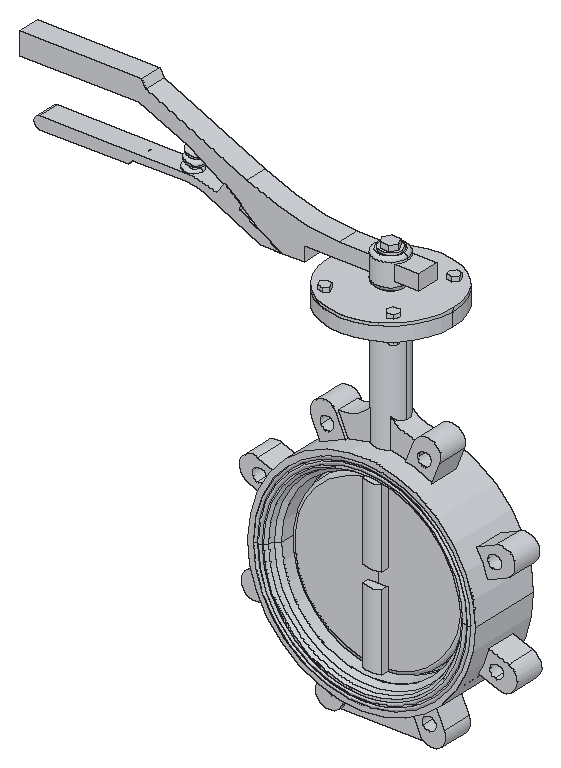
Revit family "R59FLY010", category Plumbing Fixtures, Revit 2015
Reference planes
  plane 1 "Center (Front/Back)": y = 0
  plane 2: z = 0
  plane 3 "Center (Left/Right)": x = 0
  plane 4: z = 180
  plane 5: x = -260
  plane 6: z = 257
  plane 7: z = -100
  plane 8: z = -30
  plane 9: z = 210
  plane 10: z = -30
  plane 11: y = -25.738
  plane 12: y = 25.762
Forms (mm)
  Extrusion 1, solid
    sketch origin (0, 0, 170) x (1, 0, 0) y (0, 1, 0)
      loop
        circle (0, 0) r 45
    from 0 to 10
  Extrusion 2, solid
    sketch origin (0, 45.948, -100.573) x (1, 0, 0) y (0, 0, 1)
      loop
        arc (-96.679, 319.319) -> (-132.67, 336.792) -> (-169.654, 352.049) r 659.286
        line (-169.654, 352.049) -> (-172.843, 357.573) -> (-260, 357.573) -> (-260, 341.853) -> (-174.471, 341.853)
        arc (-174.471, 341.853) -> (-122.152, 316.93) -> (-77.024, 280.573) r 248.649
        line (-77.024, 280.573) -> (-55.568, 280.573) -> (-55.568, 291.199) -> (26.878, 291.199) -> (26.878, 302.179) -> (-30.767, 302.179)
        arc (-30.767, 302.179) -> (-64.704, 306.978) -> (-96.679, 319.319) r 150.722
    from 37.966 to 54.11
  Extrusion 3, solid
    sketch origin (-37.783, 45.948, -170.087) x (1, 0, 0) y (0, 0, 1)
      loop
        line (-98.516, 377.301) -> (-208.006, 377.301)
        arc (-208.006, 377.301) -> (-212.274, 373.033) -> (-208.006, 368.766) r 4.268
        line (-208.006, 368.766) -> (-144.475, 368.766) -> (-140.939, 372.301) -> (-103.305, 372.301)
        arc (-103.305, 372.301) -> (-95.507, 371.471) -> (-88.058, 369.019) r 37.057
        arc (-88.058, 369.019) -> (-68.407, 360.05) -> (-49.241, 350.087) r 421.945
        line (-49.241, 350.087) -> (-34.866, 350.087)
        arc (-34.866, 350.087) -> (-48.985, 359.43) -> (-64, 367.252) r 162.429
        line (-64, 367.252) -> (-63.437, 371.843) -> (-74.98, 380.231) -> (-80.609, 372.485)
        arc (-80.609, 372.485) -> (-89.36, 375.646) -> (-98.516, 377.301) r 55.494
    from 37.966 to 54.11
  Extrusion 4, solid
    sketch origin (0, 0, -76.95) x (1, 0, 0) y (0, 1, 0)
      loop
        circle (0, 0) r 12
    from 148.302 to 246.95
  Revolve 5, solid
    sketch origin (0, 0, 0) x (0, 1, 0) y (0, 0, 1)
      loop
        line (-1.078, -65.612) -> (1.078, -65.612) -> (1.078, -64.678)
        arc (1.078, -64.678) -> (1.953, -63.244) -> (3.478, -62.541) r 2.888
        line (3.478, -62.541) -> (6.599, -62.541)
        arc (6.599, -62.541) -> (9.772, -60.799) -> (11.11, -57.436) r 5.351
        line (11.11, -57.436) -> (11.11, 0) -> (-11.11, 0) -> (-11.11, -59.871)
        arc (-11.11, -59.871) -> (-10.328, -61.759) -> (-8.44, -62.541) r 2.67
        line (-8.44, -62.541) -> (-3.478, -62.541)
        arc (-3.478, -62.541) -> (-1.953, -63.244) -> (-1.078, -64.678) r 2.888
        line (-1.078, -64.678) -> (-1.078, -65.612)
      axis (11.11, 0) -> (-11.11, 0)
    angle from 0 to 360
  Blend 6, solid
    base sketch origin (0, 0, -4.163) x (1, 0, 0) y (0, 1, 0)
      loop
        line (-6.883, 16.4) -> (-6.883, -16.4)
        arc (-6.883, -16.4) -> (0, -18.078) -> (6.883, -16.4) r 14.953
        line (6.883, -16.4) -> (6.883, 16.4)
        arc (6.883, 16.4) -> (0, 18.078) -> (-6.883, 16.4) r 14.953
    top sketch origin (0, 0, 0) x (1, 0, 0) y (0, 1, 0)
      loop
        line (-6.883, 16.4) -> (-6.883, -16.4)
        arc (-6.883, -16.4) -> (0, -18.078) -> (6.883, -16.4) r 14.953
        line (6.883, -16.4) -> (6.883, 16.4)
        arc (6.883, 16.4) -> (0, 18.078) -> (-6.883, 16.4) r 14.953
    from 10.163 to 61.647
  Blend 7, solid
    base sketch origin (0, 0, -38.601) x (0, -1, 0) y (1, 0, 0)
      loop
        line (-16.4, -6.883) -> (16.4, -6.883)
        arc (16.4, -6.883) -> (18.078, 0) -> (16.4, 6.883) r 14.953
        line (16.4, 6.883) -> (-16.4, 6.883)
        arc (-16.4, 6.883) -> (-18.078, 0) -> (-16.4, -6.883) r 14.953
    top sketch origin (0, 0, -35.117) x (0, -1, 0) y (1, 0, 0)
      loop
        line (-16.4, -6.883) -> (16.4, -6.883)
        arc (16.4, -6.883) -> (18.078, 0) -> (16.4, 6.883) r 14.953
        line (16.4, 6.883) -> (-16.4, 6.883)
        arc (-16.4, 6.883) -> (-18.078, 0) -> (-16.4, -6.883) r 14.953
    from -21.894 to 29.117
  Extrusion 8, solid
    sketch origin (-8.17, 0, 17.063) x (0.99863, 0, -0.052336) y (0.052336, 0, 0.99863)
      loop
        line (-18.251, 60.114) -> (-25.459, 74.264)
        arc (-25.459, 74.264) -> (-38.908, 78.635) -> (-43.28, 65.186) r 10
        line (-43.28, 65.186) -> (-36.072, 51.036) -> (-18.251, 60.114)
      loop
        circle (-32.1, 65.269) r 5
    from -10.546 to 10.991
  Extrusion 9, solid
    sketch origin (6.288, 0, 17.843) x (0.669131, 0, -0.743145) y (0.743145, 0, 0.669131)
      loop
        line (-18.251, 60.114) -> (-25.459, 74.264)
        arc (-25.459, 74.264) -> (-38.908, 78.635) -> (-43.28, 65.186) r 10
        line (-43.28, 65.186) -> (-36.072, 51.036) -> (-18.251, 60.114)
      loop
        circle (-32.1, 65.269) r 5
    from -10.546 to 10.991
  Extrusion 10, solid
    sketch origin (17.063, 0, 8.17) x (-0.052336, 0, -0.99863) y (0.99863, 0, -0.052336)
      loop
        line (-18.251, 60.114) -> (-25.459, 74.264)
        arc (-25.459, 74.264) -> (-38.908, 78.635) -> (-43.28, 65.186) r 10
        line (-43.28, 65.186) -> (-36.072, 51.036) -> (-18.251, 60.114)
      loop
        circle (-32.1, 65.269) r 5
    from -10.546 to 10.991
  Extrusion 11, solid
    sketch origin (17.843, 0, -6.288) x (-0.743145, 0, -0.669131) y (0.669131, 0, -0.743145)
      loop
        line (-18.251, 60.114) -> (-25.459, 74.264)
        arc (-25.459, 74.264) -> (-38.908, 78.635) -> (-43.28, 65.186) r 10
        line (-43.28, 65.186) -> (-36.072, 51.036) -> (-18.251, 60.114)
      loop
        circle (-32.1, 65.269) r 5
    from -10.546 to 10.991
  Extrusion 12, solid
    sketch origin (8.17, 0, -17.063) x (-0.99863, 0, 0.052336) y (-0.052336, 0, -0.99863)
      loop
        line (-18.251, 60.114) -> (-25.459, 74.264)
        arc (-25.459, 74.264) -> (-38.908, 78.635) -> (-43.28, 65.186) r 10
        line (-43.28, 65.186) -> (-36.072, 51.036) -> (-18.251, 60.114)
      loop
        circle (-32.1, 65.269) r 5
    from -10.546 to 10.991
  Extrusion 13, solid
    sketch origin (-6.288, 0, -17.843) x (-0.669131, 0, 0.743145) y (-0.743145, 0, -0.669131)
      loop
        line (-18.251, 60.114) -> (-25.459, 74.264)
        arc (-25.459, 74.264) -> (-38.908, 78.635) -> (-43.28, 65.186) r 10
        line (-43.28, 65.186) -> (-36.072, 51.036) -> (-18.251, 60.114)
      loop
        circle (-32.1, 65.269) r 5
    from -10.546 to 10.991
  Extrusion 14, solid
    sketch origin (-17.063, 0, -8.17) x (0.052336, 0, 0.99863) y (-0.99863, 0, 0.052336)
      loop
        line (-18.251, 60.114) -> (-25.459, 74.264)
        arc (-25.459, 74.264) -> (-38.908, 78.635) -> (-43.28, 65.186) r 10
        line (-43.28, 65.186) -> (-36.072, 51.036) -> (-18.251, 60.114)
      loop
        circle (-32.1, 65.269) r 5
    from -10.546 to 10.991
  Extrusion 15, solid
    sketch origin (-17.843, 0, 6.288) x (0.743145, 0, 0.669131) y (-0.669131, 0, 0.743145)
      loop
        line (-18.251, 60.114) -> (-25.459, 74.264)
        arc (-25.459, 74.264) -> (-38.908, 78.635) -> (-43.28, 65.186) r 10
        line (-43.28, 65.186) -> (-36.072, 51.036) -> (-18.251, 60.114)
      loop
        circle (-32.1, 65.269) r 5
    from -10.546 to 10.991
  Extrusion 16, solid
    sketch origin (99.126, -27.447, 182) x (0, -1, 0) y (1, 0, 0)
      loop
        line (3.99, -123.113) -> (0.805, -120.344) -> (-3.184, -121.718) -> (-3.99, -125.86) -> (-0.805, -128.628) -> (3.184, -127.254) -> (3.99, -123.113)
    from 0 to 3
  Extrusion 17, solid
    sketch origin (99.126, -27.447, 162) x (0, -1, 0) y (1, 0, 0)
      loop
        circle (0, -124.486) r 3
    from 2.505 to 20
  Extrusion 18, solid
    sketch origin (99.126, -27.447, 169) x (0, -1, 0) y (1, 0, 0)
      loop
        line (3.99, -123.113) -> (0.805, -120.344) -> (-3.184, -121.718) -> (-3.99, -125.86) -> (-0.805, -128.628) -> (3.184, -127.254) -> (3.99, -123.113)
      loop
        line (-3.444, -125.672) -> (-0.695, -128.061) -> (2.749, -126.876) -> (3.444, -123.301) -> (0.695, -120.911) -> (-2.749, -122.097) -> (-3.444, -125.672)
    from -1.968 to 1
  Extrusion 19, solid, not visible
    sketch origin (26.117, -96.518, 104.233) x (0, -1, 0) y (1, 0, 0)
      loop
        line (3.99, -123.113) -> (0.805, -120.344) -> (-3.184, -121.718) -> (-3.99, -125.86) -> (-0.805, -128.628) -> (3.184, -127.254) -> (3.99, -123.113)
    from 0 to 3
  Extrusion 20, solid, not visible
    sketch origin (26.117, -96.518, 84.233) x (0, -1, 0) y (1, 0, 0)
      loop
        circle (0, -124.486) r 3
    from 2.505 to 20
  Extrusion 21, solid, not visible
    sketch origin (26.117, -96.518, 91.233) x (0, -1, 0) y (1, 0, 0)
      loop
        line (3.99, -123.113) -> (0.805, -120.344) -> (-3.184, -121.718) -> (-3.99, -125.86) -> (-0.805, -128.628) -> (3.184, -127.254) -> (3.99, -123.113)
      loop
        line (-3.444, -125.672) -> (-0.695, -128.061) -> (2.749, -126.876) -> (3.444, -123.301) -> (0.695, -120.911) -> (-2.749, -122.097) -> (-3.444, -125.672)
    from -1.968 to 1
  Extrusion 22, solid
    sketch origin (0, 0, 180) x (1, 0, 0) y (0, 1, 0)
      loop
        circle (0, 0) r 45
    from 0 to 2
  Extrusion 23, solid
    sketch origin (99.126, -27.447, 182) x (0, -1, 0) y (1, 0, 0)
      loop
        line (-58.884, -123.113) -> (-58.079, -127.254) -> (-54.09, -128.628) -> (-50.905, -125.86) -> (-51.71, -121.718) -> (-55.7, -120.344) -> (-58.884, -123.113)
    from 0 to 3
  Extrusion 24, solid
    sketch origin (99.126, -27.447, 162) x (0, -1, 0) y (1, 0, 0)
      loop
        circle (-54.895, -124.486) r 3
    from 2.505 to 20
  Extrusion 25, solid
    sketch origin (99.126, -27.447, 169) x (0, -1, 0) y (1, 0, 0)
      loop
        line (-58.884, -123.113) -> (-58.079, -127.254) -> (-54.09, -128.628) -> (-50.905, -125.86) -> (-51.71, -121.718) -> (-55.7, -120.344) -> (-58.884, -123.113)
      loop
        line (-51.451, -125.672) -> (-52.146, -122.097) -> (-55.59, -120.911) -> (-58.339, -123.301) -> (-57.644, -126.876) -> (-54.2, -128.061) -> (-51.451, -125.672)
    from -1.968 to 1
  Extrusion 26, solid
    sketch origin (-100.376, 27.447, 182) x (0, 1, 0) y (-1, 0, 0)
      loop
        line (-58.884, -123.113) -> (-58.079, -127.254) -> (-54.09, -128.628) -> (-50.905, -125.86) -> (-51.71, -121.718) -> (-55.7, -120.344) -> (-58.884, -123.113)
    from 0 to 3
  Extrusion 27, solid
    sketch origin (-100.376, 27.447, 162) x (0, 1, 0) y (-1, 0, 0)
      loop
        circle (-54.895, -124.486) r 3
    from 2.505 to 20
  Extrusion 28, solid
    sketch origin (-100.376, 27.447, 169) x (0, 1, 0) y (-1, 0, 0)
      loop
        line (-58.884, -123.113) -> (-58.079, -127.254) -> (-54.09, -128.628) -> (-50.905, -125.86) -> (-51.71, -121.718) -> (-55.7, -120.344) -> (-58.884, -123.113)
      loop
        line (-51.451, -125.672) -> (-52.146, -122.097) -> (-55.59, -120.911) -> (-58.339, -123.301) -> (-57.644, -126.876) -> (-54.2, -128.061) -> (-51.451, -125.672)
    from -1.968 to 1
  Extrusion 29, solid
    sketch origin (-100.376, 27.447, 182) x (0, 1, 0) y (-1, 0, 0)
      loop
        line (3.99, -123.113) -> (0.805, -120.344) -> (-3.184, -121.718) -> (-3.99, -125.86) -> (-0.805, -128.628) -> (3.184, -127.254) -> (3.99, -123.113)
    from 0 to 3
  Extrusion 30, solid
    sketch origin (-100.376, 27.447, 162) x (0, 1, 0) y (-1, 0, 0)
      loop
        circle (0, -124.486) r 3
    from 2.505 to 20
  Extrusion 31, solid
    sketch origin (-100.376, 27.447, 169) x (0, 1, 0) y (-1, 0, 0)
      loop
        line (3.99, -123.113) -> (0.805, -120.344) -> (-3.184, -121.718) -> (-3.99, -125.86) -> (-0.805, -128.628) -> (3.184, -127.254) -> (3.99, -123.113)
      loop
        line (-3.444, -125.672) -> (-0.695, -128.061) -> (2.749, -126.876) -> (3.444, -123.301) -> (0.695, -120.911) -> (-2.749, -122.097) -> (-3.444, -125.672)
    from -1.968 to 1
  Extrusion 32, solid
    sketch origin (125.063, -27.447, 207.144) x (0, -1, 0) y (1, 0, 0)
      loop
        line (-32.638, -122.069) -> (-32.638, -128.062) -> (-27.447, -131.059) -> (-22.257, -128.062) -> (-22.257, -122.069) -> (-27.447, -119.072) -> (-32.638, -122.069)
    from -1.014 to 2.856
  Extrusion 33, solid
    sketch origin (124.477, -54.895, 202.2) x (0, -1, 0) y (1, 0, 0)
      loop
        circle (-54.895, -124.486) r 8
    from -22.2 to 3.931
  Sweep 34, solid
    path origin (0, 0, 0) x (1, 0, 0) y (0, 0, 1)
      loop
        circle (0, 0) r 82
    profile origin (0, 0, -82) x (0, 0, 1) y (0, -1, 0)
      loop
        line (16.683, -16.185) -> (16.683, 16.185) -> (13.454, 19.414) -> (12.517, 22.911) -> (10.888, 25.253) -> (9.28, 25.253)
        arc (9.28, 25.253) -> (8.267, 26.267) -> (7.253, 25.253) r 1.014
        line (7.253, 25.253) -> (5.98, 25.253)
        arc (5.98, 25.253) -> (4.966, 26.267) -> (3.952, 25.253) r 1.014
        line (3.952, 25.253) -> (0.625, 25.253) -> (0.625, -25.253) -> (3.952, -25.253)
        arc (3.952, -25.253) -> (4.966, -26.267) -> (5.98, -25.253) r 1.014
        line (5.98, -25.253) -> (7.253, -25.253)
        arc (7.253, -25.253) -> (8.267, -26.267) -> (9.28, -25.253) r 1.014
        line (9.28, -25.253) -> (10.888, -25.253) -> (12.517, -22.911) -> (13.454, -19.414) -> (16.683, -16.185)
  Extrusion 35, solid
    sketch origin (0, 0, 18.715) x (1, 0, 0) y (0, 0, 1)
      loop
        line (-24.216, 57.237) -> (24.108, 57.237) -> (32.241, 75.509)
        arc (32.241, 75.509) -> (14.209, 79.129) -> (1.583, 92.502) r 30.334
        line (1.583, 92.502) -> (1.583, 61.435) -> (-1.691, 61.435) -> (-1.691, 92.502)
        arc (-1.691, 92.502) -> (-14.317, 79.129) -> (-32.348, 75.509) r 30.334
        line (-32.348, 75.509) -> (-24.216, 57.237)
    from -7.881 to 9.454
  Extrusion 36, solid
    sketch origin (-2.813, 0.293, -2.432) x (1, 0, 0) y (0, 0, 1)
      loop
        line (35.926, -91.785) -> (29.17, -76.612) -> (-20.052, -76.612) -> (-25.733, -91.406)
        arc (-25.733, -91.406) -> (-26.681, -93.267) -> (-27.996, -94.891) r 10
        line (-27.996, -94.891) -> (38.28, -94.891)
        arc (38.28, -94.891) -> (36.924, -93.474) -> (35.926, -91.785) r 8.561
    from -9.388 to 9.974
  Revolve 37, solid
    sketch origin (0, 0, 40) x (1, 0, 0) y (0, 0, 1)
      loop
        line (-9.486, 143.746) -> (0, 143.746) -> (0, 165) -> (-9.486, 165)
        arc (-9.486, 165) -> (-11.259, 164.265) -> (-11.994, 162.492) r 2.508
        line (-11.994, 162.492) -> (-11.994, 146.254)
        arc (-11.994, 146.254) -> (-11.259, 144.481) -> (-9.486, 143.746) r 2.508
      axis (0, 143.746) -> (0, 165)
    angle from 0 to 360
  Sweep 38, solid
    path origin (-48.156, 0, 206.496) x (0.978732, 0, -0.205142) y (0, 1, 0)
      loop
        circle (-92.344, 0) r 5
    profile origin (-138.536, 5, 225.439) x (0, -1, 0) y (0.205142, 0, 0.978732)
      loop
        circle (0, 0) r 2
  Sweep 39, solid
    path origin (-49.24, 0, 200.236) x (0.978732, 0, -0.205142) y (0, 1, 0)
      loop
        circle (-92.344, 0) r 5
    profile origin (-139.62, 5, 219.18) x (0, -1, 0) y (0.205142, 0, 0.978732)
      loop
        circle (0, 0) r 2
  Sweep 40, solid
    path origin (-50.258, 0, 194.62) x (0.978732, 0, -0.205142) y (0, 1, 0)
      loop
        circle (-92.344, 0) r 5
    profile origin (-140.638, 5, 213.564) x (0, -1, 0) y (0.205142, 0, 0.978732)
      loop
        circle (0, 0) r 2
  Sweep 41, solid
    path origin (-51.686, 0, 187.994) x (0.978732, 0, -0.205142) y (0, 1, 0)
      loop
        circle (-92.344, 0) r 5
    profile origin (-142.066, 5, 206.938) x (0, -1, 0) y (0.205142, 0, 0.978732)
      loop
        circle (0, 0) r 2
  Sweep 42, solid
    path origin (-0.002, 0, 0) x (1, 0, 0) y (0, 0, 1)
      loop
        circle (0, 0) r 82
    profile origin (-0.002, 0, -82) x (0, 0, 1) y (0, -1, 0)
      loop
        line (0, 25.738) -> (0, -25.762) -> (3.888, -25.762) -> (3.888, 25.738) -> (0, 25.738)
Dimensions and locks
  plane 2 to plane 4 = 180 mm
  plane 3 "Center (Left/Right)" to plane 5 = 260 mm
  level to plane 6 = 257 mm
  plane 7 to level = 100 mm
  locked: plane 4 to plane 9 at 30
  plane 12 to plane 11 = 51.5 mm
  aligned and locked: level to plane 2
